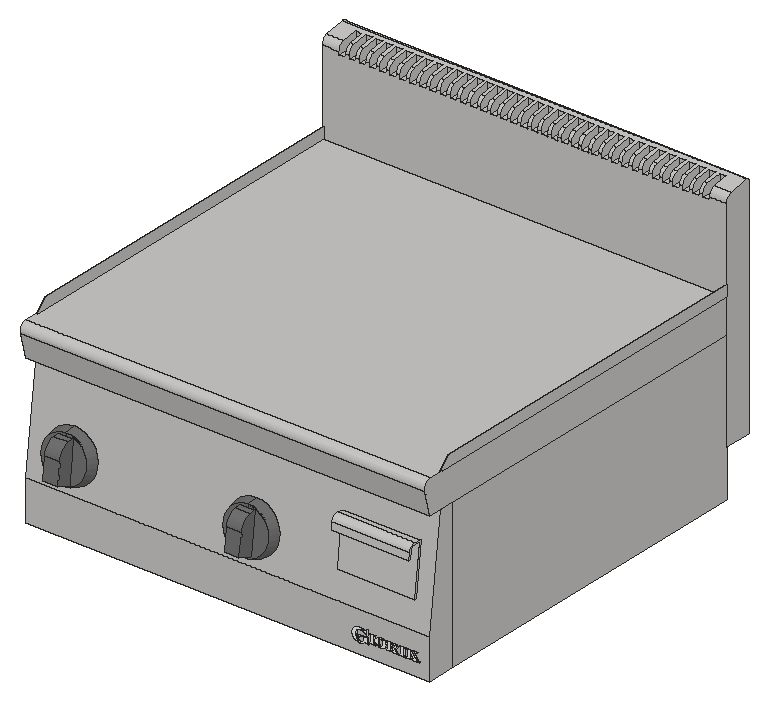
Revit family "QF_GIORIK_LGE6901", category Specialty Equipment, Revit 2014
Parameters (values of type "LGE6901")
  Weight in Pounds = 132.2772
  Watts = 7200 W
  Volts = 230 V
  URL Cutsheet = "www.giorik.com"
  URL = "www.giorik.com"
  Status [instance] = ""
  Specification by User [instance] = ""
  Specification by Manufacturer = ""
  Show Logo [instance] = yes
  Show Clearance [instance] = yes
  Serial Number = ""
  Seismic Rating = ""
  SMACNA No = ""
  Revision Code [instance] = ""
  Phase = 1
  Number of Poles [instance] = 1
  NAFEM Spec ID Number = ""
  Model = "LGE6901"
  Min Ckt Ampacity = 0 A
  Max Overcurrent Protection = 0 A
  Masterspec = ""
  Manufacturer = "GIORIK"
  Item Number [instance] = ""
  Installed By [instance] = ""
  Identify Quantity as Lot [instance] = no
  HP = "9.655344000000"
  Furnished By [instance] = ""
  Foodservice Equipment Identifier [instance] = yes
  FL Amps = 0 A
  Electrical Remarks [instance] = ""
  Electric Connection Type [instance] = ""
  Elec Conn RI Height [instance] = 0 mm
  Elec Conn Connection Height [instance] = 45 mm
  Description = "GRIDDLE SMOOTH"
  Cycle = 50 Hz
  Conn Plug = ""
  CSI MasterFormat = ""
  Assembly Code = "E1090320"
  Apparent Power = 7200 VA
Reference planes
  plane 1 "Back": y = 0
  plane 2: z = 0
  plane 3 "Left": x = 0
  plane 4 "Right": x = 600
  plane 5 "Front": y = -600
  plane 6 "Top": z = 430
Forms (mm)
  Extrusion 1, solid
    sketch origin (0, 1000, -580) x (0, 1, 0) y (0, 0, 1)
      loop
        line (-1040.007, 869.975) -> (-1589.445, 869.975)
        arc (-1589.445, 869.975) -> (-1598.171, 865.672) -> (-1600.069, 856.13) r 10.999
        line (-1600.069, 856.13) -> (-1590.388, 820) -> (-1040.007, 820) -> (-1040.007, 869.975)
    from 0 to 600
  Extrusion 2, solid
    sketch origin (0, 0, -560) x (0, 1, 0) y (0, 0, 1)
      loop
        line (-570.06, 849.975) -> (-40.007, 849.975) -> (-40.007, 865.387) -> (-554.648, 865.387) -> (-570.06, 849.975)
    from 0 to 1.85
  Extrusion 3, solid
    sketch origin (0, 0, -560) x (0, 1, 0) y (0, 0, 1)
      loop
        line (-40.007, 800) -> (-550, 800) -> (-550, 580) -> (-40.007, 580) -> (-40.007, 800)
    from 0 to 600
  Extrusion 4, solid
    sketch origin (0, 0, -560) x (0, 1, 0) y (0, 0, 1)
      loop
        line (-550, 800) -> (-570.5, 800) -> (-590, 640) -> (-590, 580) -> (-550, 580) -> (-550, 800)
    from 0 to 600
  Revolve 5, solid
    sketch origin (75.155, 0.456, -560.03) x (0, 1, 0) y (0, 0, 1)
      loop
        line (-598.03, 706.389) -> (-594.27, 737.013) -> (-609.648, 734.852) -> (-613.772, 701.269) -> (-581.482, 697.305) -> (-580.629, 704.252) -> (-598.03, 706.389)
      axis (-581.482, 697.305) -> (-613.772, 701.269)
    angle from 0 to 360
  Extrusion 6, solid
    sketch origin (598.094, 0, -560) x (0, 1, 0) y (0, 0, 1)
      loop
        line (-570.06, 849.975) -> (-40.007, 849.975) -> (-40.007, 865.387) -> (-554.648, 865.387) -> (-570.06, 849.975)
    from -0.15 to 1.906
  Extrusion 7, solid
    sketch origin (0, 0, -560) x (0, 1, 0) y (0, 0, 1)
      loop
        line (-40.007, 974.217) -> (-40.007, 650.827) -> (0, 650.827) -> (0, 988.42)
        arc (0, 988.42) -> (-0.57, 989.648) -> (-1.878, 990) r 1.6
        line (-1.878, 990) -> (-31.072, 984.852)
        arc (-31.072, 984.852) -> (-37.477, 981.162) -> (-40.007, 974.217) r 10.797
    from 0 to 600
  Extrusion 8, solid
    sketch origin (-87.831, 0.456, -560.03) x (0, 1, 0) y (0, 0, 1)
      loop
        line (-635.843, 711.553) -> (-639.647, 680.575) -> (-617.415, 671.593) -> (-610.135, 730.882) -> (-617.934, 729.786)
        arc (-617.934, 729.786) -> (-629.982, 723.708) -> (-635.843, 711.553) r 20.998
    from 151.831 to 173.831
  Revolve 9, solid
    sketch origin (345.155, 0.456, -560.03) x (0, 1, 0) y (0, 0, 1)
      loop
        line (-598.03, 706.389) -> (-594.27, 737.013) -> (-609.648, 734.852) -> (-613.772, 701.269) -> (-581.482, 697.305) -> (-580.629, 704.252) -> (-598.03, 706.389)
      axis (-581.482, 697.305) -> (-613.772, 701.269)
    angle from 0 to 360
  Extrusion 10, solid
    sketch origin (182.169, 0.456, -560.03) x (0, 1, 0) y (0, 0, 1)
      loop
        line (-635.843, 711.553) -> (-639.647, 680.575) -> (-617.415, 671.593) -> (-610.135, 730.882) -> (-617.934, 729.786)
        arc (-617.934, 729.786) -> (-629.982, 723.708) -> (-635.843, 711.553) r 20.998
    from 151.831 to 173.831
  Extrusion 11, solid
    sketch origin (568.319, 0, -561) x (1, 0, 0) y (0, 0, 1)
      loop
        circle (-38.319, 606) r 12.5
    from 20.007 to 40.007
  Extrusion 12, solid, visible <- "Show Logo"
    sketch origin (391.604, -590.5, -6.113) x (-1, 0, 0) y (0, 0, 1)
      loop
        line (-118.824, 58.358) -> (-127.804, 58.358) -> (-125.523, 56.445) -> (-125.523, 48.027) -> (-127.804, 46.113) -> (-118.824, 46.113) -> (-121.105, 48.027) -> (-121.105, 56.445) -> (-118.824, 58.358)
      loop
        line (-163.721, 58.358) -> (-172.7, 58.358) -> (-170.42, 56.445) -> (-170.42, 48.027) -> (-172.7, 46.113) -> (-163.721, 46.113) -> (-166.001, 48.027) -> (-166.001, 56.445) -> (-163.721, 58.358)
      loop
        line (-174.332, 58.358) -> (-183.312, 58.358) -> (-181.031, 56.445) -> (-181.031, 52.435) -> (-186.419, 56.955) -> (-184.416, 58.358) -> (-191.268, 58.358) -> (-188.01, 56.839) -> (-185.455, 54.283) -> (-190.846, 47.858) -> (-193.396, 46.93) -> (-193.396, 46.113) -> (-184.416, 46.113) -> (-185.437, 47.571) -> (-182.443, 51.552) -> (-181.031, 50.894) -> (-181.031, 48.027) -> (-183.312, 46.113) -> (-174.332, 46.113) -> (-176.613, 48.027) -> (-176.613, 56.445) -> (-174.332, 58.358)
      loop
        line (-115.429, 62.063) -> (-115.429, 54.198)
        arc (-115.429, 54.198) -> (-111.618, 57.803) -> (-106.847, 59.986) r 16.039
        arc (-106.847, 59.986) -> (-103.314, 59.837) -> (-100.512, 57.68) r 5.851
        arc (-100.512, 57.68) -> (-98.815, 52.267) -> (-100.512, 46.853) r 9.479
        arc (-100.512, 46.853) -> (-102.406, 44.986) -> (-104.846, 43.93) r 7.236
        arc (-104.846, 43.93) -> (-107.728, 44.111) -> (-110.052, 45.825) r 5.11
        line (-110.052, 45.825) -> (-110.052, 52.001) -> (-116.141, 52.001) -> (-116.141, 45.503) -> (-117.893, 43.751) -> (-114.094, 44.769)
        arc (-114.094, 44.769) -> (-112.56, 44.947) -> (-111.129, 44.366) r 3.115
        arc (-111.129, 44.366) -> (-104.216, 42.091) -> (-97.303, 44.366) r 11.641
        arc (-97.303, 44.366) -> (-93.396, 52.107) -> (-97.303, 59.849) r 9.622
        arc (-97.303, 59.849) -> (-104.369, 62.174) -> (-111.435, 59.849) r 11.898
        line (-111.435, 59.849) -> (-115.429, 62.063)
      loop
        arc (-129.234, 56.068) -> (-135.893, 58.628) -> (-142.552, 56.068) r 9.941
        arc (-142.552, 56.068) -> (-144.234, 52.286) -> (-142.552, 48.505) r 5.093
        arc (-142.552, 48.505) -> (-135.893, 45.945) -> (-129.234, 48.505) r 9.941
        arc (-129.234, 48.505) -> (-127.552, 52.286) -> (-129.234, 56.068) r 5.093
      loop
        arc (-132.628, 54.403) -> (-135.893, 57.668) -> (-139.158, 54.403) r 3.265
        line (-139.158, 54.403) -> (-139.158, 50.169)
        arc (-139.158, 50.169) -> (-135.893, 46.904) -> (-132.628, 50.169) r 3.265
        line (-132.628, 50.169) -> (-132.628, 54.403)
      loop
        arc (-156.363, 58.365) -> (-159.647, 55.081) -> (-156.363, 51.796) r 3.285
        line (-156.363, 51.796) -> (-159.529, 47.306) -> (-162.087, 46.113) -> (-155.847, 46.113) -> (-153.529, 51.083) -> (-150.637, 51.083) -> (-150.637, 47.784) -> (-153.022, 46.113) -> (-144.011, 46.113) -> (-146.094, 47.68) -> (-146.094, 56.493) -> (-144.229, 58.365) -> (-156.363, 58.365)
      loop
        line (-150.637, 57.512) -> (-153.637, 57.512)
        arc (-153.637, 57.512) -> (-156.237, 54.912) -> (-153.637, 52.312) r 2.6
        line (-153.637, 52.312) -> (-150.637, 52.312) -> (-150.637, 57.512)
      loop
        line (-108.924, 52.001) -> (-104.936, 49.005) -> (-100.948, 52.001) -> (-108.924, 52.001)
    from 1.5 to -0.5
  Extrusion 13, void
    sketch origin (10, 0, 430) x (0, 1, 0) y (-1, 0, 0)
      loop
        line (-40.007, -25) -> (-9.931, -25) -> (-9.931, -15) -> (-40.007, -15) -> (-40.007, -25)
      loop
        line (-40.007, -40) -> (-9.931, -40) -> (-9.931, -30) -> (-40.007, -30) -> (-40.007, -40)
      loop
        line (-40.007, -55) -> (-9.931, -55) -> (-9.931, -45) -> (-40.007, -45) -> (-40.007, -55)
      loop
        line (-40.007, -70) -> (-9.931, -70) -> (-9.931, -60) -> (-40.007, -60) -> (-40.007, -70)
      loop
        line (-40.007, -85) -> (-9.931, -85) -> (-9.931, -75) -> (-40.007, -75) -> (-40.007, -85)
      loop
        line (-40.007, -100) -> (-9.931, -100) -> (-9.931, -90) -> (-40.007, -90) -> (-40.007, -100)
      loop
        line (-40.007, -115) -> (-9.931, -115) -> (-9.931, -105) -> (-40.007, -105) -> (-40.007, -115)
      loop
        line (-40.007, -130) -> (-9.931, -130) -> (-9.931, -120) -> (-40.007, -120) -> (-40.007, -130)
      loop
        line (-40.007, -145) -> (-9.931, -145) -> (-9.931, -135) -> (-40.007, -135) -> (-40.007, -145)
      loop
        line (-40.007, -160) -> (-9.931, -160) -> (-9.931, -150) -> (-40.007, -150) -> (-40.007, -160)
      loop
        line (-40.007, -175) -> (-9.931, -175) -> (-9.931, -165) -> (-40.007, -165) -> (-40.007, -175)
      loop
        line (-40.007, -190) -> (-9.931, -190) -> (-9.931, -180) -> (-40.007, -180) -> (-40.007, -190)
      loop
        line (-40.007, -205) -> (-9.931, -205) -> (-9.931, -195) -> (-40.007, -195) -> (-40.007, -205)
      loop
        line (-40.007, -220) -> (-9.931, -220) -> (-9.931, -210) -> (-40.007, -210) -> (-40.007, -220)
      loop
        line (-40.007, -235) -> (-9.931, -235) -> (-9.931, -225) -> (-40.007, -225) -> (-40.007, -235)
      loop
        line (-40.007, -250) -> (-9.931, -250) -> (-9.931, -240) -> (-40.007, -240) -> (-40.007, -250)
      loop
        line (-40.007, -265) -> (-9.931, -265) -> (-9.931, -255) -> (-40.007, -255) -> (-40.007, -265)
      loop
        line (-40.007, -280) -> (-9.931, -280) -> (-9.931, -270) -> (-40.007, -270) -> (-40.007, -280)
      loop
        line (-40.007, -295) -> (-9.931, -295) -> (-9.931, -285) -> (-40.007, -285) -> (-40.007, -295)
      loop
        line (-40.007, -310) -> (-9.931, -310) -> (-9.931, -300) -> (-40.007, -300) -> (-40.007, -310)
      loop
        line (-40.007, -325) -> (-9.931, -325) -> (-9.931, -315) -> (-40.007, -315) -> (-40.007, -325)
      loop
        line (-40.007, -340) -> (-9.931, -340) -> (-9.931, -330) -> (-40.007, -330) -> (-40.007, -340)
      loop
        line (-40.007, -355) -> (-9.931, -355) -> (-9.931, -345) -> (-40.007, -345) -> (-40.007, -355)
      loop
        line (-40.007, -370) -> (-9.931, -370) -> (-9.931, -360) -> (-40.007, -360) -> (-40.007, -370)
      loop
        line (-40.007, -385) -> (-9.931, -385) -> (-9.931, -375) -> (-40.007, -375) -> (-40.007, -385)
      loop
        line (-40.007, -400) -> (-9.931, -400) -> (-9.931, -390) -> (-40.007, -390) -> (-40.007, -400)
      loop
        line (-40.007, -415) -> (-9.931, -415) -> (-9.931, -405) -> (-40.007, -405) -> (-40.007, -415)
      loop
        line (-40.007, -430) -> (-9.931, -430) -> (-9.931, -420) -> (-40.007, -420) -> (-40.007, -430)
      loop
        line (-40.007, -445) -> (-9.931, -445) -> (-9.931, -435) -> (-40.007, -435) -> (-40.007, -445)
      loop
        line (-40.007, -460) -> (-9.931, -460) -> (-9.931, -450) -> (-40.007, -450) -> (-40.007, -460)
      loop
        line (-40.007, -475) -> (-9.931, -475) -> (-9.931, -465) -> (-40.007, -465) -> (-40.007, -475)
      loop
        line (-40.007, -490) -> (-9.931, -490) -> (-9.931, -480) -> (-40.007, -480) -> (-40.007, -490)
      loop
        line (-40.007, -505) -> (-9.931, -505) -> (-9.931, -495) -> (-40.007, -495) -> (-40.007, -505)
      loop
        line (-40.007, -520) -> (-9.931, -520) -> (-9.931, -510) -> (-40.007, -510) -> (-40.007, -520)
      loop
        line (-40.007, -535) -> (-9.931, -535) -> (-9.931, -525) -> (-40.007, -525) -> (-40.007, -535)
      loop
        line (-40.007, -550) -> (-9.931, -550) -> (-9.931, -540) -> (-40.007, -540) -> (-40.007, -550)
      loop
        line (-40.007, -565) -> (-9.931, -565) -> (-9.931, -555) -> (-40.007, -555) -> (-40.007, -565)
    from 0 to -20
  Extrusion 14, solid
    sketch origin (566.603, 15.293, -30) x (0, 1, 0) y (-1, 0, 0)
      loop
        circle (-79.293, 516.603) r 5
    from 41.965 to 50
  Revolve 15, solid
    sketch origin (50, 19.943, -600) x (0, 1, 0) y (0, 0, 1)
      loop
        line (-83.943, 611.965) -> (-94.752, 611.965) -> (-97.943, 600) -> (-83.943, 600) -> (-83.943, 611.965)
      axis (-83.943, 611.965) -> (-83.943, 600)
    angle from 0 to 360
  Extrusion 16, solid
    sketch origin (33.397, 15.293, -30) x (0, 1, 0) y (-1, 0, 0)
      loop
        circle (-79.293, -516.603) r 5
    from 41.965 to 50
  Revolve 17, solid
    sketch origin (550, 19.943, -600) x (0, 1, 0) y (0, 0, -1)
      loop
        line (-83.943, -611.965) -> (-83.943, -600) -> (-97.943, -600) -> (-94.752, -611.965) -> (-83.943, -611.965)
      axis (-83.943, -611.965) -> (-83.943, -600)
    angle from 0 to 360
  Extrusion 18, solid
    sketch origin (566.603, -459.707, -30) x (0, 1, 0) y (-1, 0, 0)
      loop
        circle (-79.293, 516.603) r 5
    from 41.965 to 50
  Revolve 19, solid
    sketch origin (50, -455.057, -600) x (0, 1, 0) y (0, 0, 1)
      loop
        line (-83.943, 611.965) -> (-94.752, 611.965) -> (-97.943, 600) -> (-83.943, 600) -> (-83.943, 611.965)
      axis (-83.943, 611.965) -> (-83.943, 600)
    angle from 0 to 360
  Extrusion 20, solid
    sketch origin (33.397, -459.707, -30) x (0, 1, 0) y (-1, 0, 0)
      loop
        circle (-79.293, -516.603) r 5
    from 41.965 to 50
  Revolve 21, solid
    sketch origin (550, -455.057, -600) x (0, 1, 0) y (0, 0, -1)
      loop
        line (-83.943, -611.965) -> (-83.943, -600) -> (-97.943, -600) -> (-94.752, -611.965) -> (-83.943, -611.965)
      axis (-83.943, -611.965) -> (-83.943, -600)
    angle from 0 to 360
  Extrusion 22, solid
    sketch origin (322.5, -693.34, -437.283) x (0, 0.992655, -0.12098) y (0, 0.12098, 0.992655)
      loop
        line (40, 640.1) -> (30, 640.1)
        arc (30, 640.1) -> (22.929, 637.171) -> (20, 630.1) r 10
        line (20, 630.1) -> (20, 620.1) -> (22, 620.1) -> (22, 630.1)
        arc (22, 630.1) -> (24.343, 635.757) -> (30, 638.1) r 8
        line (30, 638.1) -> (38, 638.1) -> (38, 565.1) -> (40, 565.1) -> (40, 640.1)
    from 137.5 to 252.5
Cuts and joins
  Extrusion 13 cuts Extrusion 7
Lines and regions (mm)
  symbolic lines, style "200-EquipBorder-2D"
    curve 1: line (600, 0, 0) -> (0, 0, 0)
    curve 2: line (0, 0, 0) -> (0, -600, 0)
    curve 119: line (600, -600, 430) -> (600, 0, 430)
    curve 120: line (0, -600, 430) -> (600, -600, 430)
    curve 121: spline (64, -617.202, 990) -> (60.789, -617.041, 990) -> (57.73, -616.841, 990) -> (54.856, -616.604, 990) -> (52.196, -616.332, 990) -> (49.779, -616.028, 990) -> (47.63, -615.696, 990) -> (45.772, -615.338, 990) -> (44.225, -614.96, 990) -> (43.004, -614.563, 990) -> (42.122, -614.154, 990) -> (41.59, -613.736, 990) -> (41.412, -613.313, 990)
    curve 122: spline (109.073, -613.408, 990) -> (108.819, -613.826, 990) -> (108.218, -614.239, 990) -> (107.275, -614.643, 990) -> (106.001, -615.033, 990) -> (104.408, -615.405, 990) -> (102.513, -615.755, 990) -> (100.336, -616.08, 990) -> (97.898, -616.376, 990) -> (95.227, -616.641, 990) -> (92.348, -616.871, 990) -> (89.293, -617.065, 990) -> (86.091, -617.219, 990)
    curve 123: line (41.412, -613.313, 990) -> (37.735, -600, 990)
    curve 124: line (109.073, -613.408, 990) -> (112.578, -600, 990)
    curve 125: line (64, -639.19, 430) -> (64, -609.679, 430)
    curve 126: line (64, -639.19, 430) -> (86, -639.19, 430)
    curve 127: line (86, -639.19, 430) -> (86, -609.679, 430)
    curve 128: spline (41.412, -613.313, 430) -> (42.564, -612.264, 430) -> (45.941, -611.286, 430) -> (51.314, -610.446, 430) -> (58.316, -609.802, 430) -> (66.47, -609.396, 430) -> (75.22, -609.258, 430) -> (83.97, -609.396, 430) -> (92.124, -609.802, 430) -> (99.126, -610.446, 430) -> (104.499, -611.286, 430) -> (107.877, -612.264, 430) -> (109.029, -613.313, 430)
    curve 129: line (64, -609.679, 430) -> (86, -609.679, 430)
    curve 130: spline (334, -617.202, 990) -> (330.789, -617.041, 990) -> (327.73, -616.841, 990) -> (324.856, -616.604, 990) -> (322.196, -616.332, 990) -> (319.779, -616.028, 990) -> (317.63, -615.696, 990) -> (315.772, -615.338, 990) -> (314.225, -614.96, 990) -> (313.004, -614.563, 990) -> (312.122, -614.154, 990) -> (311.59, -613.736, 990) -> (311.412, -613.313, 990)
    curve 131: spline (379.073, -613.408, 990) -> (378.819, -613.826, 990) -> (378.218, -614.239, 990) -> (377.275, -614.643, 990) -> (376.001, -615.033, 990) -> (374.408, -615.405, 990) -> (372.513, -615.755, 990) -> (370.336, -616.08, 990) -> (367.898, -616.376, 990) -> (365.227, -616.641, 990) -> (362.348, -616.871, 990) -> (359.293, -617.065, 990) -> (356.091, -617.219, 990)
    curve 132: line (311.412, -613.313, 990) -> (307.735, -600, 990)
    curve 133: line (379.073, -613.408, 990) -> (382.578, -600, 990)
    curve 134: line (334, -639.19, 430) -> (334, -609.679, 430)
    curve 135: line (334, -639.19, 430) -> (356, -639.19, 430)
    curve 136: line (356, -639.19, 430) -> (356, -609.679, 430)
    curve 137: spline (311.412, -613.313, 430) -> (312.564, -612.264, 430) -> (315.941, -611.286, 430) -> (321.314, -610.446, 430) -> (328.316, -609.802, 430) -> (336.47, -609.396, 430) -> (345.22, -609.258, 430) -> (353.97, -609.396, 430) -> (362.124, -609.802, 430) -> (369.126, -610.446, 430) -> (374.499, -611.286, 430) -> (377.877, -612.264, 430) -> (379.029, -613.313, 430)
    curve 138: line (334, -609.679, 430) -> (356, -609.679, 430)
  symbolic lines, style "200-EquipInternal-2D"
    curve 3: line (600, -40.007, 430) -> (0, -40.007, 430)
    curve 4: line (597.944, -570.06, 430) -> (600, -570.06, 430)
    curve 5: line (597.944, -40.007, 430) -> (597.944, -570.06, 430)
    curve 6: line (0, -570.06, 430) -> (1.85, -570.06, 430)
    curve 7: line (1.85, -570.06, 430) -> (1.85, -40.007, 430)
    curve 8: line (25, -9.931, 290) -> (25, -40.007, 290)
    curve 9: line (35, -40.007, 290) -> (35, -9.931, 290)
    curve 10: line (40, -9.931, 290) -> (40, -40.007, 290)
    curve 11: line (50, -40.007, 290) -> (50, -9.931, 290)
    curve 12: line (55, -9.931, 290) -> (55, -40.007, 290)
    curve 13: line (65, -40.007, 290) -> (65, -9.931, 290)
    curve 14: line (85, -9.931, 290) -> (85, -40.007, 290)
    curve 15: line (95, -40.007, 290) -> (95, -9.931, 290)
    curve 16: line (100, -9.931, 290) -> (100, -40.007, 290)
    curve 17: line (110, -40.007, 290) -> (110, -9.931, 290)
    curve 18: line (140, -40.007, 290) -> (140, -9.931, 290)
    curve 19: line (130, -9.931, 290) -> (130, -40.007, 290)
    curve 20: line (155, -40.007, 290) -> (155, -9.931, 290)
    curve 21: line (160, -9.931, 290) -> (160, -40.007, 290)
    curve 22: line (170, -40.007, 290) -> (170, -9.931, 290)
    curve 23: line (145, -9.931, 290) -> (145, -40.007, 290)
    curve 24: line (200, -40.007, 290) -> (200, -9.931, 290)
    curve 25: line (190, -9.931, 290) -> (190, -40.007, 290)
    curve 26: line (205, -9.931, 290) -> (205, -40.007, 290)
    curve 27: line (215, -40.007, 290) -> (215, -9.931, 290)
    curve 28: line (220, -9.931, 290) -> (220, -40.007, 290)
    curve 29: line (230, -40.007, 290) -> (230, -9.931, 290)
    curve 30: line (250, -9.931, 290) -> (250, -40.007, 290)
    curve 31: line (260, -40.007, 290) -> (260, -9.931, 290)
    curve 32: line (265, -9.931, 290) -> (265, -40.007, 290)
    curve 33: line (275, -40.007, 290) -> (275, -9.931, 290)
    curve 34: line (280, -9.931, 290) -> (280, -40.007, 290)
    curve 35: line (290, -40.007, 290) -> (290, -9.931, 290)
    curve 36: line (320, -40.007, 290) -> (320, -9.931, 290)
    curve 37: line (310, -9.931, 290) -> (310, -40.007, 290)
    curve 38: line (335, -40.007, 290) -> (335, -9.931, 290)
    curve 39: line (325, -9.931, 290) -> (325, -40.007, 290)
    curve 40: line (340, -9.931, 290) -> (340, -40.007, 290)
    curve 41: line (350, -40.007, 290) -> (350, -9.931, 290)
    curve 42: line (370, -9.931, 290) -> (370, -40.007, 290)
    curve 43: line (380, -40.007, 290) -> (380, -9.931, 290)
    curve 44: line (385, -9.931, 290) -> (385, -40.007, 290)
    curve 45: line (395, -9.931, 290) -> (385, -9.931, 290)
    curve 46: line (380, -9.931, 290) -> (370, -9.931, 290)
    curve 47: line (350, -9.931, 290) -> (340, -9.931, 290)
    curve 48: line (335, -9.931, 290) -> (325, -9.931, 290)
    curve 49: line (320, -9.931, 290) -> (310, -9.931, 290)
    curve 50: line (275, -9.931, 290) -> (265, -9.931, 290)
    curve 51: line (110, -9.931, 290) -> (100, -9.931, 290)
    curve 52: line (95, -9.931, 290) -> (85, -9.931, 290)
    curve 53: line (65, -9.931, 290) -> (55, -9.931, 290)
    curve 54: line (35, -9.931, 290) -> (25, -9.931, 290)
    curve 55: line (140, -9.931, 290) -> (130, -9.931, 290)
    curve 56: line (155, -9.931, 290) -> (145, -9.931, 290)
    curve 57: line (170, -9.931, 290) -> (160, -9.931, 290)
    curve 58: line (200, -9.931, 290) -> (190, -9.931, 290)
    curve 59: line (215, -9.931, 290) -> (205, -9.931, 290)
    curve 60: line (230, -9.931, 290) -> (220, -9.931, 290)
    curve 61: line (260, -9.931, 290) -> (250, -9.931, 290)
    curve 62: line (50, -9.931, 290) -> (40, -9.931, 290)
    curve 63: line (70, -9.931, 430) -> (70, -40.007, 430)
    curve 64: line (80, -40.007, 430) -> (80, -9.931, 430)
    curve 65: line (80, -9.931, 430) -> (70, -9.931, 430)
    curve 66: line (115, -9.931, 430) -> (115, -40.007, 430)
    curve 67: line (125, -40.007, 430) -> (125, -9.931, 430)
    curve 68: line (125, -9.931, 430) -> (115, -9.931, 430)
    curve 69: line (175, -9.931, 430) -> (175, -40.007, 430)
    curve 70: line (185, -40.007, 430) -> (185, -9.931, 430)
    curve 71: line (185, -9.931, 430) -> (175, -9.931, 430)
    curve 72: line (235, -9.931, 430) -> (235, -40.007, 430)
    curve 73: line (245, -40.007, 430) -> (245, -9.931, 430)
    curve 74: line (245, -9.931, 430) -> (235, -9.931, 430)
    curve 75: line (290, -9.931, 430) -> (280, -9.931, 430)
    curve 76: line (305, -9.931, 430) -> (295, -9.931, 430)
    curve 77: line (295, -9.931, 430) -> (295, -40.007, 430)
    curve 78: line (305, -40.007, 430) -> (305, -9.931, 430)
    curve 79: line (355, -9.931, 430) -> (355, -40.007, 430)
    curve 80: line (365, -40.007, 430) -> (365, -9.931, 430)
    curve 81: line (365, -9.931, 430) -> (355, -9.931, 430)
    curve 82: line (395, -40.007, 430) -> (395, -9.931, 430)
    curve 83: line (400, -9.931, 430) -> (400, -40.007, 430)
    curve 84: line (410, -40.007, 430) -> (410, -9.931, 430)
    curve 85: line (410, -9.931, 430) -> (400, -9.931, 430)
    curve 86: line (425, -9.931, 430) -> (415, -9.931, 430)
    curve 87: line (415, -9.931, 430) -> (415, -40.007, 430)
    curve 88: line (425, -40.007, 430) -> (425, -9.931, 430)
    curve 89: line (430, -9.931, 430) -> (430, -40.007, 430)
    curve 90: line (440, -40.007, 430) -> (440, -9.931, 430)
    curve 91: line (440, -9.931, 430) -> (430, -9.931, 430)
    curve 92: line (445, -9.931, 430) -> (445, -40.007, 430)
    curve 93: line (455, -40.007, 430) -> (455, -9.931, 430)
    curve 94: line (460, -9.931, 430) -> (460, -40.007, 430)
    curve 95: line (470, -40.007, 430) -> (470, -9.931, 430)
    curve 96: line (475, -9.931, 430) -> (475, -40.007, 430)
    curve 97: line (485, -40.007, 430) -> (485, -9.931, 430)
    curve 98: line (490, -9.931, 430) -> (490, -40.007, 430)
    curve 99: line (500, -40.007, 430) -> (500, -9.931, 430)
    curve 100: line (505, -9.931, 430) -> (505, -40.007, 430)
    curve 101: line (515, -40.007, 430) -> (515, -9.931, 430)
    curve 102: line (520, -9.931, 430) -> (520, -40.007, 430)
    curve 103: line (530, -40.007, 430) -> (530, -9.931, 430)
    curve 104: line (535, -9.931, 430) -> (535, -40.007, 430)
    curve 105: line (545, -40.007, 430) -> (545, -9.931, 430)
    curve 106: line (550, -9.931, 430) -> (550, -40.007, 430)
    curve 107: line (560, -40.007, 430) -> (560, -9.931, 430)
    curve 108: line (565, -9.931, 430) -> (565, -40.007, 430)
    curve 109: line (455, -9.931, 430) -> (445, -9.931, 430)
    curve 110: line (470, -9.931, 430) -> (460, -9.931, 430)
    curve 111: line (485, -9.931, 430) -> (475, -9.931, 430)
    curve 112: line (500, -9.931, 430) -> (490, -9.931, 430)
    curve 113: line (515, -9.931, 430) -> (505, -9.931, 430)
    curve 114: line (530, -9.931, 430) -> (520, -9.931, 430)
    curve 115: line (545, -9.931, 430) -> (535, -9.931, 430)
    curve 116: line (560, -9.931, 430) -> (550, -9.931, 430)
    curve 117: line (575, -9.931, 430) -> (565, -9.931, 430)
    curve 118: line (575, -40.007, 430) -> (575, -9.931, 430)
Dimensions and locks
  plane 3 "Left" to plane 4 "Right" = 600 mm
  plane 5 "Front" to plane 1 "Back" = 600 mm
  plane 4 "Right" to plane 3 "Left" = 600 mm
  plane 1 "Back" to plane 5 "Front" = 600 mm
  plane 6 "Top" to level = 430 mm  (x2)
  aligned and locked: level to plane 2
Connectors
  electrical at (530, -20.007, 45), driven by "Apparent Power", driven by "Volts", driven by "Number of Poles"
    settings: on Extrusion 11, index 1, voltage 230 V, apparent load 0 VA, apparent load phase1 7200 VA, apparent load phase2 0 VA, apparent load phase3 0 VA, power factor 1, load classification "Other", number of poles 1, system type 31, power factor state 1, is connector primary yes, connector utility no, sub classification motor no, connector description "Electrical connection"
